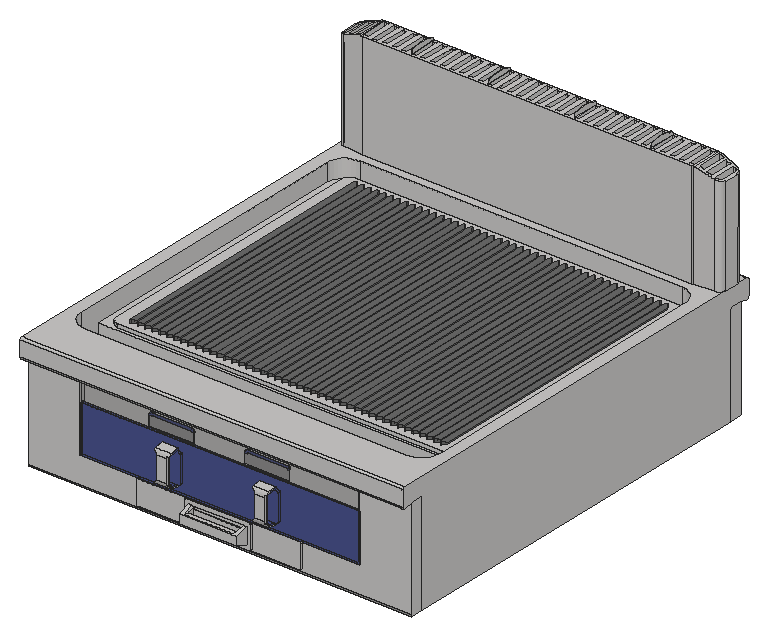
Revit family "QF_ELECTROLUXPROFESSIONAL_593322_MCHNAADOVO", category Specialty Equipment, Revit 2018 (continued)
Definition of nested family "GG_900_Backsplash for 800 fryer"
  Automatic sketch dimensions
    Extrusion 41 sketch curve to Extrusion 41 sketch curve = 0.775 mm
    Extrusion 41 sketch curve to Extrusion 41 sketch curve = 0.056 mm
    Extrusion 41 sketch curve to Extrusion 41 sketch curve = 4 mm
    level to Extrusion 41 sketch curve = 1058.216 mm
    Extrusion 41 sketch curve to Extrusion 41 sketch curve = 49.354 mm
    Extrusion 41 sketch curve to Extrusion 41 sketch curve = 3.029 mm  (x2)
    Extrusion 41 sketch curve to Extrusion 41 sketch curve = 0.001 mm  (x4)
    Extrusion 41 sketch curve to Extrusion 41 sketch curve = 2.392 mm
    Extrusion 42 sketch curve to Extrusion 42 sketch curve = 0 mm  (x3)
    Extrusion 42 sketch curve to plane 3 "Center (Left/Right)" = 87.373 mm
    Extrusion 42 sketch curve to Extrusion 42 sketch curve = 1 mm  (x2)
    Extrusion 42 sketch curve to Extrusion 42 sketch curve = 0.732 mm
    level to Extrusion 42 sketch curve = 1106.571 mm
    plane 6 to Extrusion 43 sketch curve = 26.484 mm
    Extrusion 43 sketch curve to Extrusion 43 sketch curve = 3.168 mm
    Extrusion 43 sketch curve to Extrusion 43 sketch curve = 0.003 mm
    Extrusion 43 sketch curve to Extrusion 43 sketch curve = 0.832 mm
    Extrusion 43 sketch curve to Extrusion 43 sketch curve = 11.257 mm
    Extrusion 43 sketch curve to Extrusion 43 sketch curve = 0 mm  (x2)
    Extrusion 43 sketch curve to plane 6 = 0.419 mm
    Extrusion 43 sketch curve to plane 6 = 12.894 mm
    Extrusion 43 sketch curve to Extrusion 43 sketch curve = 10.482 mm
    Extrusion 43 sketch curve to Extrusion 43 sketch curve = 0.775 mm
    Extrusion 43 sketch curve to Extrusion 43 sketch curve = 0.056 mm
    Extrusion 43 sketch curve to Extrusion 43 sketch curve = 4 mm
    level to Extrusion 43 sketch curve = 1058.216 mm
    Extrusion 43 sketch curve to Extrusion 43 sketch curve = 49.354 mm
    Extrusion 43 sketch curve to Extrusion 43 sketch curve = 3.029 mm  (x2)
    Extrusion 43 sketch curve to Extrusion 43 sketch curve = 0.001 mm  (x4)
    Extrusion 43 sketch curve to Extrusion 43 sketch curve = 2.392 mm
    Extrusion 44 sketch curve to Extrusion 44 sketch curve = 0 mm  (x3)
    Extrusion 44 sketch curve to plane 5 = 145 mm
    Extrusion 44 sketch curve to Extrusion 44 sketch curve = 1 mm  (x2)
    Extrusion 44 sketch curve to Extrusion 44 sketch curve = 0.732 mm
    level to Extrusion 44 sketch curve = 1107.571 mm
    plane 6 to Extrusion 45 sketch curve = 26.484 mm
    Extrusion 45 sketch curve to Extrusion 45 sketch curve = 3.168 mm
    Extrusion 45 sketch curve to Extrusion 45 sketch curve = 0.003 mm
    Extrusion 45 sketch curve to Extrusion 45 sketch curve = 0.832 mm
    Extrusion 45 sketch curve to Extrusion 45 sketch curve = 11.257 mm
    Extrusion 45 sketch curve to Extrusion 45 sketch curve = 0 mm  (x2)
    Extrusion 45 sketch curve to plane 6 = 0.419 mm
    Extrusion 45 sketch curve to plane 6 = 12.894 mm
    Extrusion 45 sketch curve to Extrusion 45 sketch curve = 10.482 mm
    Extrusion 45 sketch curve to Extrusion 45 sketch curve = 0.775 mm
    Extrusion 45 sketch curve to Extrusion 45 sketch curve = 0.056 mm
    Extrusion 45 sketch curve to Extrusion 45 sketch curve = 4 mm
    level to Extrusion 45 sketch curve = 1058.216 mm
    Extrusion 45 sketch curve to Extrusion 45 sketch curve = 49.354 mm
    Extrusion 45 sketch curve to Extrusion 45 sketch curve = 3.029 mm  (x2)
    Extrusion 45 sketch curve to Extrusion 45 sketch curve = 0.001 mm  (x4)
    Extrusion 45 sketch curve to Extrusion 45 sketch curve = 2.392 mm
    Extrusion 46 sketch curve to Extrusion 46 sketch curve = 0 mm  (x3)
    plane 3 "Center (Left/Right)" to Extrusion 46 sketch curve = 94.792 mm
    Extrusion 46 sketch curve to Extrusion 46 sketch curve = 1 mm  (x2)
    Extrusion 46 sketch curve to Extrusion 46 sketch curve = 0.732 mm
    level to Extrusion 46 sketch curve = 1107.571 mm
    curve 15 to plane 5 = 0 mm
    plane 6 to curve 6 = 32.954 mm
    curve 17 to plane 4 = 0 mm
    plane 4 to curve 16 = 0.886 mm
    plane 4 to curve 2 = 11.608 mm
    plane 4 to curve 7 = 11.608 mm
    curve 5 to curve 6 = 58.231 mm
    plane 1 "Center (Front/Back)" to curve 1 = 5.039 mm
    curve 3 to curve 1 = 58.231 mm
    curve 8 to plane 5 = 70.951 mm
    curve 1 to curve 6 = 0 mm
    curve 12 to plane 5 = 12.72 mm
    curve 8 to plane 5 = 12.72 mm
    curve 15 to plane 5 = 1.998 mm
    curve 14 to curve 9 = 1.998 mm
    plane 4 to curve 17 = 0.886 mm
    curve 3 to curve 3 = 11.746 mm
    curve 5 to curve 5 = 11.746 mm
    curve 11 to curve 11 = 11.746 mm
    curve 10 to curve 10 = 11.746 mm
    plane 6 to curve 7 = 27.86 mm
    plane 6 to curve 8 = 27.86 mm
    plane 6 to curve 15 = 15.407 mm
    curve 14 to plane 6 = 15.407 mm
    curve 4 to plane 6 = 15.407 mm
    plane 1 "Center (Front/Back)" to curve 2 = 10.134 mm
    plane 1 "Center (Front/Back)" to curve 12 = 10.134 mm
    plane 6 to curve 17 = 15.407 mm
Definition of nested family "GG_900_800 mm Full Grate"
  Parameters
    Length = 662 mm
    Array = Length / 15 mm  # 44
  Reference planes
    plane 1 "Center (Front/Back)": y = 0
    plane 2: z = 0
    plane 3 "Center (Left/Right)": x = 0
    plane 4: x = -355
    plane 5: x = 355
    plane 6: z = 900
    plane 7: z = 888
    plane 8: x = -331
    plane 9: x = 331
  Forms (mm)
    Extrusion 1, solid
      sketch origin (453.786, 467.26, 0) x (1, 0, 0) y (0, 1, 0)
        loop
          line (-808.786, -175.198) -> (-808.786, -760.472)
          arc (-808.786, -760.472) -> (-803.807, -772.493) -> (-791.786, -777.472) r 17
          line (-791.786, -777.472) -> (-116.936, -777.472)
          arc (-116.936, -777.472) -> (-104.102, -772.156) -> (-98.786, -759.322) r 18.15
          line (-98.786, -759.322) -> (-98.786, -175.198)
          arc (-98.786, -175.198) -> (-104.102, -162.364) -> (-116.936, -157.048) r 18.15
          line (-116.936, -157.048) -> (-790.636, -157.048)
          arc (-790.636, -157.048) -> (-803.47, -162.364) -> (-808.786, -175.198) r 18.15
      from 888 to 894.474
  Lines and regions (mm)
    symbolic lines
      curve 1: line (-331, 286.484, 0) -> (-324.5, 295.767, 0)
      curve 2: line (-324.5, 295.767, 0) -> (-318, 286.484, 0)
      curve 3: line (-318, -286.484, 0) -> (-318, 286.484, 0)
      curve 4: line (-331, 286.484, 0) -> (-331, -286.484, 0)
      curve 5: line (-324.5, -295.767, 0) -> (-331, -286.484, 0)
      curve 6: line (-318, -286.484, 0) -> (-324.5, -295.767, 0)
      curve 7: line (318, 286.484, 0) -> (324.5, 295.767, 0)
      curve 8: line (324.5, 295.767, 0) -> (331, 286.484, 0)
      curve 9: line (331, -286.484, 0) -> (331, 286.484, 0)
      curve 10: line (318, 286.484, 0) -> (318, -286.484, 0)
      curve 11: line (324.5, -295.767, 0) -> (318, -286.484, 0)
      curve 12: line (331, -286.484, 0) -> (324.5, -295.767, 0)
      curve 13: line (-315.907, 286.484, 0) -> (-309.407, 295.767, 0)
      curve 14: line (-309.407, 295.767, 0) -> (-302.907, 286.484, 0)
      curve 15: line (-302.907, -286.484, 0) -> (-302.907, 286.484, 0)
      curve 16: line (-315.907, 286.484, 0) -> (-315.907, -286.484, 0)
      curve 17: line (-309.407, -295.767, 0) -> (-315.907, -286.484, 0)
      curve 18: line (-302.907, -286.484, 0) -> (-309.407, -295.767, 0)
      curve 19: line (-300.814, 286.484, 0) -> (-294.314, 295.767, 0)
      curve 20: line (-294.314, 295.767, 0) -> (-287.814, 286.484, 0)
      curve 21: line (-287.814, -286.484, 0) -> (-287.814, 286.484, 0)
      curve 22: line (-300.814, 286.484, 0) -> (-300.814, -286.484, 0)
      curve 23: line (-294.314, -295.767, 0) -> (-300.814, -286.484, 0)
      curve 24: line (-287.814, -286.484, 0) -> (-294.314, -295.767, 0)
      curve 25: line (-285.721, 286.484, 0) -> (-279.221, 295.767, 0)
      curve 26: line (-279.221, 295.767, 0) -> (-272.721, 286.484, 0)
      curve 27: line (-272.721, -286.484, 0) -> (-272.721, 286.484, 0)
      curve 28: line (-285.721, 286.484, 0) -> (-285.721, -286.484, 0)
      curve 29: line (-279.221, -295.767, 0) -> (-285.721, -286.484, 0)
      curve 30: line (-272.721, -286.484, 0) -> (-279.221, -295.767, 0)
      curve 31: line (-270.628, 286.484, 0) -> (-264.128, 295.767, 0)
      curve 32: line (-264.128, 295.767, 0) -> (-257.628, 286.484, 0)
      curve 33: line (-257.628, -286.484, 0) -> (-257.628, 286.484, 0)
      curve 34: line (-270.628, 286.484, 0) -> (-270.628, -286.484, 0)
      curve 35: line (-264.128, -295.767, 0) -> (-270.628, -286.484, 0)
      curve 36: line (-257.628, -286.484, 0) -> (-264.128, -295.767, 0)
      curve 37: line (-255.535, 286.484, 0) -> (-249.035, 295.767, 0)
      curve 38: line (-249.035, 295.767, 0) -> (-242.535, 286.484, 0)
      curve 39: line (-242.535, -286.484, 0) -> (-242.535, 286.484, 0)
      curve 40: line (-255.535, 286.484, 0) -> (-255.535, -286.484, 0)
      curve 41: line (-249.035, -295.767, 0) -> (-255.535, -286.484, 0)
      curve 42: line (-242.535, -286.484, 0) -> (-249.035, -295.767, 0)
      curve 43: line (-240.442, 286.484, 0) -> (-233.942, 295.767, 0)
      curve 44: line (-233.942, 295.767, 0) -> (-227.442, 286.484, 0)
      curve 45: line (-227.442, -286.484, 0) -> (-227.442, 286.484, 0)
      curve 46: line (-240.442, 286.484, 0) -> (-240.442, -286.484, 0)
      curve 47: line (-233.942, -295.767, 0) -> (-240.442, -286.484, 0)
      curve 48: line (-227.442, -286.484, 0) -> (-233.942, -295.767, 0)
      curve 49: line (-225.349, 286.484, 0) -> (-218.849, 295.767, 0)
      curve 50: line (-218.849, 295.767, 0) -> (-212.349, 286.484, 0)
      curve 51: line (-212.349, -286.484, 0) -> (-212.349, 286.484, 0)
      curve 52: line (-225.349, 286.484, 0) -> (-225.349, -286.484, 0)
      curve 53: line (-218.849, -295.767, 0) -> (-225.349, -286.484, 0)
      curve 54: line (-212.349, -286.484, 0) -> (-218.849, -295.767, 0)
      curve 55: line (-210.256, 286.484, 0) -> (-203.756, 295.767, 0)
      curve 56: line (-203.756, 295.767, 0) -> (-197.256, 286.484, 0)
      curve 57: line (-197.256, -286.484, 0) -> (-197.256, 286.484, 0)
      curve 58: line (-210.256, 286.484, 0) -> (-210.256, -286.484, 0)
      curve 59: line (-203.756, -295.767, 0) -> (-210.256, -286.484, 0)
      curve 60: line (-197.256, -286.484, 0) -> (-203.756, -295.767, 0)
      curve 61: line (-195.163, 286.484, 0) -> (-188.663, 295.767, 0)
      curve 62: line (-188.663, 295.767, 0) -> (-182.163, 286.484, 0)
      curve 63: line (-182.163, -286.484, 0) -> (-182.163, 286.484, 0)
      curve 64: line (-195.163, 286.484, 0) -> (-195.163, -286.484, 0)
      curve 65: line (-188.663, -295.767, 0) -> (-195.163, -286.484, 0)
      curve 66: line (-182.163, -286.484, 0) -> (-188.663, -295.767, 0)
      curve 67: line (-180.07, 286.484, 0) -> (-173.57, 295.767, 0)
      curve 68: line (-173.57, 295.767, 0) -> (-167.07, 286.484, 0)
      curve 69: line (-167.07, -286.484, 0) -> (-167.07, 286.484, 0)
      curve 70: line (-180.07, 286.484, 0) -> (-180.07, -286.484, 0)
      curve 71: line (-173.57, -295.767, 0) -> (-180.07, -286.484, 0)
      curve 72: line (-167.07, -286.484, 0) -> (-173.57, -295.767, 0)
      curve 73: line (-164.977, 286.484, 0) -> (-158.477, 295.767, 0)
      curve 74: line (-158.477, 295.767, 0) -> (-151.977, 286.484, 0)
      curve 75: line (-151.977, -286.484, 0) -> (-151.977, 286.484, 0)
      curve 76: line (-164.977, 286.484, 0) -> (-164.977, -286.484, 0)
      curve 77: line (-158.477, -295.767, 0) -> (-164.977, -286.484, 0)
      curve 78: line (-151.977, -286.484, 0) -> (-158.477, -295.767, 0)
      curve 79: line (-149.884, 286.484, 0) -> (-143.384, 295.767, 0)
      curve 80: line (-143.384, 295.767, 0) -> (-136.884, 286.484, 0)
      curve 81: line (-136.884, -286.484, 0) -> (-136.884, 286.484, 0)
      curve 82: line (-149.884, 286.484, 0) -> (-149.884, -286.484, 0)
      curve 83: line (-143.384, -295.767, 0) -> (-149.884, -286.484, 0)
      curve 84: line (-136.884, -286.484, 0) -> (-143.384, -295.767, 0)
      curve 85: line (-134.791, 286.484, 0) -> (-128.291, 295.767, 0)
      curve 86: line (-128.291, 295.767, 0) -> (-121.791, 286.484, 0)
      curve 87: line (-121.791, -286.484, 0) -> (-121.791, 286.484, 0)
      curve 88: line (-134.791, 286.484, 0) -> (-134.791, -286.484, 0)
      curve 89: line (-128.291, -295.767, 0) -> (-134.791, -286.484, 0)
      curve 90: line (-121.791, -286.484, 0) -> (-128.291, -295.767, 0)
      curve 91: line (-119.698, 286.484, 0) -> (-113.198, 295.767, 0)
      curve 92: line (-113.198, 295.767, 0) -> (-106.698, 286.484, 0)
      curve 93: line (-106.698, -286.484, 0) -> (-106.698, 286.484, 0)
      curve 94: line (-119.698, 286.484, 0) -> (-119.698, -286.484, 0)
      curve 95: line (-113.198, -295.767, 0) -> (-119.698, -286.484, 0)
      curve 96: line (-106.698, -286.484, 0) -> (-113.198, -295.767, 0)
      curve 97: line (-104.605, 286.484, 0) -> (-98.105, 295.767, 0)
      curve 98: line (-98.105, 295.767, 0) -> (-91.605, 286.484, 0)
      curve 99: line (-91.605, -286.484, 0) -> (-91.605, 286.484, 0)
      curve 100: line (-104.605, 286.484, 0) -> (-104.605, -286.484, 0)
      curve 101: line (-98.105, -295.767, 0) -> (-104.605, -286.484, 0)
      curve 102: line (-91.605, -286.484, 0) -> (-98.105, -295.767, 0)
      curve 103: line (-89.512, 286.484, 0) -> (-83.012, 295.767, 0)
      curve 104: line (-83.012, 295.767, 0) -> (-76.512, 286.484, 0)
      curve 105: line (-76.512, -286.484, 0) -> (-76.512, 286.484, 0)
      curve 106: line (-89.512, 286.484, 0) -> (-89.512, -286.484, 0)
      curve 107: line (-83.012, -295.767, 0) -> (-89.512, -286.484, 0)
      curve 108: line (-76.512, -286.484, 0) -> (-83.012, -295.767, 0)
      curve 109: line (-74.419, 286.484, 0) -> (-67.919, 295.767, 0)
      curve 110: line (-67.919, 295.767, 0) -> (-61.419, 286.484, 0)
      curve 111: line (-61.419, -286.484, 0) -> (-61.419, 286.484, 0)
      curve 112: line (-74.419, 286.484, 0) -> (-74.419, -286.484, 0)
      curve 113: line (-67.919, -295.767, 0) -> (-74.419, -286.484, 0)
      curve 114: line (-61.419, -286.484, 0) -> (-67.919, -295.767, 0)
      curve 115: line (-59.326, 286.484, 0) -> (-52.826, 295.767, 0)
      curve 116: line (-52.826, 295.767, 0) -> (-46.326, 286.484, 0)
      curve 117: line (-46.326, -286.484, 0) -> (-46.326, 286.484, 0)
      curve 118: line (-59.326, 286.484, 0) -> (-59.326, -286.484, 0)
      curve 119: line (-52.826, -295.767, 0) -> (-59.326, -286.484, 0)
      curve 120: line (-46.326, -286.484, 0) -> (-52.826, -295.767, 0)
      curve 121: line (-44.233, 286.484, 0) -> (-37.733, 295.767, 0)
      curve 122: line (-37.733, 295.767, 0) -> (-31.233, 286.484, 0)
      curve 123: line (-31.233, -286.484, 0) -> (-31.233, 286.484, 0)
      curve 124: line (-44.233, 286.484, 0) -> (-44.233, -286.484, 0)
      curve 125: line (-37.733, -295.767, 0) -> (-44.233, -286.484, 0)
      curve 126: line (-31.233, -286.484, 0) -> (-37.733, -295.767, 0)
      curve 127: line (-29.14, 286.484, 0) -> (-22.64, 295.767, 0)
      curve 128: line (-22.64, 295.767, 0) -> (-16.14, 286.484, 0)
      curve 129: line (-16.14, -286.484, 0) -> (-16.14, 286.484, 0)
      curve 130: line (-29.14, 286.484, 0) -> (-29.14, -286.484, 0)
      curve 131: line (-22.64, -295.767, 0) -> (-29.14, -286.484, 0)
      curve 132: line (-16.14, -286.484, 0) -> (-22.64, -295.767, 0)
      curve 133: line (-14.047, 286.484, 0) -> (-7.547, 295.767, 0)
      curve 134: line (-7.547, 295.767, 0) -> (-1.047, 286.484, 0)
      curve 135: line (-1.047, -286.484, 0) -> (-1.047, 286.484, 0)
      curve 136: line (-14.047, 286.484, 0) -> (-14.047, -286.484, 0)
      curve 137: line (-7.547, -295.767, 0) -> (-14.047, -286.484, 0)
      curve 138: line (-1.047, -286.484, 0) -> (-7.547, -295.767, 0)
      curve 139: line (1.047, 286.484, 0) -> (7.547, 295.767, 0)
      curve 140: line (7.547, 295.767, 0) -> (14.047, 286.484, 0)
      curve 141: line (14.047, -286.484, 0) -> (14.047, 286.484, 0)
      curve 142: line (1.047, 286.484, 0) -> (1.047, -286.484, 0)
      curve 143: line (7.547, -295.767, 0) -> (1.047, -286.484, 0)
      curve 144: line (14.047, -286.484, 0) -> (7.547, -295.767, 0)
      curve 145: line (16.14, 286.484, 0) -> (22.64, 295.767, 0)
      curve 146: line (22.64, 295.767, 0) -> (29.14, 286.484, 0)
      curve 147: line (29.14, -286.484, 0) -> (29.14, 286.484, 0)
      curve 148: line (16.14, 286.484, 0) -> (16.14, -286.484, 0)
      curve 149: line (22.64, -295.767, 0) -> (16.14, -286.484, 0)
      curve 150: line (29.14, -286.484, 0) -> (22.64, -295.767, 0)
      curve 151: line (31.233, 286.484, 0) -> (37.733, 295.767, 0)
      curve 152: line (37.733, 295.767, 0) -> (44.233, 286.484, 0)
      curve 153: line (44.233, -286.484, 0) -> (44.233, 286.484, 0)
      curve 154: line (31.233, 286.484, 0) -> (31.233, -286.484, 0)
      curve 155: line (37.733, -295.767, 0) -> (31.233, -286.484, 0)
      curve 156: line (44.233, -286.484, 0) -> (37.733, -295.767, 0)
      curve 157: line (46.326, 286.484, 0) -> (52.826, 295.767, 0)
      curve 158: line (52.826, 295.767, 0) -> (59.326, 286.484, 0)
      curve 159: line (59.326, -286.484, 0) -> (59.326, 286.484, 0)
      curve 160: line (46.326, 286.484, 0) -> (46.326, -286.484, 0)
      curve 161: line (52.826, -295.767, 0) -> (46.326, -286.484, 0)
      curve 162: line (59.326, -286.484, 0) -> (52.826, -295.767, 0)
      curve 163: line (61.419, 286.484, 0) -> (67.919, 295.767, 0)
      curve 164: line (67.919, 295.767, 0) -> (74.419, 286.484, 0)
      curve 165: line (74.419, -286.484, 0) -> (74.419, 286.484, 0)
      curve 166: line (61.419, 286.484, 0) -> (61.419, -286.484, 0)
      curve 167: line (67.919, -295.767, 0) -> (61.419, -286.484, 0)
      curve 168: line (74.419, -286.484, 0) -> (67.919, -295.767, 0)
      curve 169: line (76.512, 286.484, 0) -> (83.012, 295.767, 0)
      curve 170: line (83.012, 295.767, 0) -> (89.512, 286.484, 0)
      curve 171: line (89.512, -286.484, 0) -> (89.512, 286.484, 0)
      curve 172: line (76.512, 286.484, 0) -> (76.512, -286.484, 0)
      curve 173: line (83.012, -295.767, 0) -> (76.512, -286.484, 0)
      curve 174: line (89.512, -286.484, 0) -> (83.012, -295.767, 0)
      curve 175: line (91.605, 286.484, 0) -> (98.105, 295.767, 0)
      curve 176: line (98.105, 295.767, 0) -> (104.605, 286.484, 0)
      curve 177: line (104.605, -286.484, 0) -> (104.605, 286.484, 0)
      curve 178: line (91.605, 286.484, 0) -> (91.605, -286.484, 0)
      curve 179: line (98.105, -295.767, 0) -> (91.605, -286.484, 0)
      curve 180: line (104.605, -286.484, 0) -> (98.105, -295.767, 0)
      curve 181: line (106.698, 286.484, 0) -> (113.198, 295.767, 0)
      curve 182: line (113.198, 295.767, 0) -> (119.698, 286.484, 0)
      curve 183: line (119.698, -286.484, 0) -> (119.698, 286.484, 0)
      curve 184: line (106.698, 286.484, 0) -> (106.698, -286.484, 0)
      curve 185: line (113.198, -295.767, 0) -> (106.698, -286.484, 0)
      curve 186: line (119.698, -286.484, 0) -> (113.198, -295.767, 0)
      curve 187: line (121.791, 286.484, 0) -> (128.291, 295.767, 0)
      curve 188: line (128.291, 295.767, 0) -> (134.791, 286.484, 0)
      curve 189: line (134.791, -286.484, 0) -> (134.791, 286.484, 0)
      curve 190: line (121.791, 286.484, 0) -> (121.791, -286.484, 0)
      curve 191: line (128.291, -295.767, 0) -> (121.791, -286.484, 0)
      curve 192: line (134.791, -286.484, 0) -> (128.291, -295.767, 0)
      curve 193: line (136.884, 286.484, 0) -> (143.384, 295.767, 0)
      curve 194: line (143.384, 295.767, 0) -> (149.884, 286.484, 0)
      curve 195: line (149.884, -286.484, 0) -> (149.884, 286.484, 0)
      curve 196: line (136.884, 286.484, 0) -> (136.884, -286.484, 0)
      curve 197: line (143.384, -295.767, 0) -> (136.884, -286.484, 0)
      curve 198: line (149.884, -286.484, 0) -> (143.384, -295.767, 0)
      curve 199: line (151.977, 286.484, 0) -> (158.477, 295.767, 0)
      curve 200: line (158.477, 295.767, 0) -> (164.977, 286.484, 0)
      curve 201: line (164.977, -286.484, 0) -> (164.977, 286.484, 0)
      curve 202: line (151.977, 286.484, 0) -> (151.977, -286.484, 0)
      curve 203: line (158.477, -295.767, 0) -> (151.977, -286.484, 0)
      curve 204: line (164.977, -286.484, 0) -> (158.477, -295.767, 0)
      curve 205: line (167.07, 286.484, 0) -> (173.57, 295.767, 0)
      curve 206: line (173.57, 295.767, 0) -> (180.07, 286.484, 0)
      curve 207: line (180.07, -286.484, 0) -> (180.07, 286.484, 0)
      curve 208: line (167.07, 286.484, 0) -> (167.07, -286.484, 0)
      curve 209: line (173.57, -295.767, 0) -> (167.07, -286.484, 0)
      curve 210: line (180.07, -286.484, 0) -> (173.57, -295.767, 0)
      curve 211: line (182.163, 286.484, 0) -> (188.663, 295.767, 0)
      curve 212: line (188.663, 295.767, 0) -> (195.163, 286.484, 0)
      curve 213: line (195.163, -286.484, 0) -> (195.163, 286.484, 0)
      curve 214: line (182.163, 286.484, 0) -> (182.163, -286.484, 0)
      curve 215: line (188.663, -295.767, 0) -> (182.163, -286.484, 0)
      curve 216: line (195.163, -286.484, 0) -> (188.663, -295.767, 0)
      curve 217: line (197.256, 286.484, 0) -> (203.756, 295.767, 0)
      curve 218: line (203.756, 295.767, 0) -> (210.256, 286.484, 0)
      curve 219: line (210.256, -286.484, 0) -> (210.256, 286.484, 0)
      curve 220: line (197.256, 286.484, 0) -> (197.256, -286.484, 0)
      curve 221: line (203.756, -295.767, 0) -> (197.256, -286.484, 0)
      curve 222: line (210.256, -286.484, 0) -> (203.756, -295.767, 0)
      curve 223: line (212.349, 286.484, 0) -> (218.849, 295.767, 0)
      curve 224: line (218.849, 295.767, 0) -> (225.349, 286.484, 0)
      curve 225: line (225.349, -286.484, 0) -> (225.349, 286.484, 0)
      curve 226: line (212.349, 286.484, 0) -> (212.349, -286.484, 0)
      curve 227: line (218.849, -295.767, 0) -> (212.349, -286.484, 0)
      curve 228: line (225.349, -286.484, 0) -> (218.849, -295.767, 0)
      curve 229: line (227.442, 286.484, 0) -> (233.942, 295.767, 0)
      curve 230: line (233.942, 295.767, 0) -> (240.442, 286.484, 0)
      curve 231: line (240.442, -286.484, 0) -> (240.442, 286.484, 0)
      curve 232: line (227.442, 286.484, 0) -> (227.442, -286.484, 0)
      curve 233: line (233.942, -295.767, 0) -> (227.442, -286.484, 0)
      curve 234: line (240.442, -286.484, 0) -> (233.942, -295.767, 0)
      curve 235: line (242.535, 286.484, 0) -> (249.035, 295.767, 0)
      curve 236: line (249.035, 295.767, 0) -> (255.535, 286.484, 0)
      curve 237: line (255.535, -286.484, 0) -> (255.535, 286.484, 0)
      curve 238: line (242.535, 286.484, 0) -> (242.535, -286.484, 0)
      curve 239: line (249.035, -295.767, 0) -> (242.535, -286.484, 0)
      curve 240: line (255.535, -286.484, 0) -> (249.035, -295.767, 0)
      curve 241: line (257.628, 286.484, 0) -> (264.128, 295.767, 0)
      curve 242: line (264.128, 295.767, 0) -> (270.628, 286.484, 0)
      curve 243: line (270.628, -286.484, 0) -> (270.628, 286.484, 0)
      curve 244: line (257.628, 286.484, 0) -> (257.628, -286.484, 0)
      curve 245: line (264.128, -295.767, 0) -> (257.628, -286.484, 0)
      curve 246: line (270.628, -286.484, 0) -> (264.128, -295.767, 0)
      curve 247: line (272.721, 286.484, 0) -> (279.221, 295.767, 0)
      curve 248: line (279.221, 295.767, 0) -> (285.721, 286.484, 0)
      curve 249: line (285.721, -286.484, 0) -> (285.721, 286.484, 0)
      curve 250: line (272.721, 286.484, 0) -> (272.721, -286.484, 0)
      curve 251: line (279.221, -295.767, 0) -> (272.721, -286.484, 0)
      curve 252: line (285.721, -286.484, 0) -> (279.221, -295.767, 0)
      curve 253: line (287.814, 286.484, 0) -> (294.314, 295.767, 0)
      curve 254: line (294.314, 295.767, 0) -> (300.814, 286.484, 0)
      curve 255: line (300.814, -286.484, 0) -> (300.814, 286.484, 0)
      curve 256: line (287.814, 286.484, 0) -> (287.814, -286.484, 0)
      curve 257: line (294.314, -295.767, 0) -> (287.814, -286.484, 0)
      curve 258: line (300.814, -286.484, 0) -> (294.314, -295.767, 0)
      curve 259: line (302.907, 286.484, 0) -> (309.407, 295.767, 0)
      curve 260: line (309.407, 295.767, 0) -> (315.907, 286.484, 0)
      curve 261: line (315.907, -286.484, 0) -> (315.907, 286.484, 0)
      curve 262: line (302.907, 286.484, 0) -> (302.907, -286.484, 0)
      curve 263: line (309.407, -295.767, 0) -> (302.907, -286.484, 0)
      curve 264: line (315.907, -286.484, 0) -> (309.407, -295.767, 0)
      curve 265: line (336.85, 310.212, 0) -> (-336.85, 310.212, 0)
      curve 266: arc (-336.85, 310.212, 0) -> (-349.684, 304.896, 0) -> (-355, 292.062, 0) r 18.15
      curve 267: line (-355, 292.062, 0) -> (-355, -293.212, 0)
      curve 268: arc (-355, -293.212, 0) -> (-350.021, -305.233, 0) -> (-338, -310.212, 0) r 17
      curve 269: line (-338, -310.212, 0) -> (336.85, -310.212, 0)
      curve 270: arc (336.85, -310.212, 0) -> (349.684, -304.896, 0) -> (355, -292.062, 0) r 18.15
      curve 271: line (355, -292.062, 0) -> (355, 292.062, 0)
      curve 272: arc (355, 292.062, 0) -> (349.684, 304.896, 0) -> (336.85, 310.212, 0) r 18.15
  Dimensions and locks
    plane 6 to level = 900 mm
    plane 6 to plane 7 = 12 mm
    locked: plane 9 to plane 5 at 24
    "Length": plane 8 to plane 9
    equal spacing: group 1, group 3, group 4, group 5, group 6, group 7, group 8, group 9, group 10, group 11, group 12, group 13, group 14, group 15, group 16, group 17, group 18, group 19, group 20, group 21, group 22, group 23, group 24, group 25, group 26, group 27, group 28, group 29, group 30, group 31, group 32, group 33, group 34, group 35, group 36, group 37, group 38, group 39, group 40, group 41, group 42, group 43, group 44, group 2  (x3)
    plane 4 to plane 5 = 710 mm
    plane 4 to plane 8 = 24 mm
    aligned and locked: plane 6 to nested 1
    aligned and locked: Extrusion 1 to nested 1
    aligned and locked: Extrusion 1 to plane 7
    aligned and locked: plane 8 to nested 1
    aligned and locked: plane 9 to nested 2
    aligned and locked: curve 266 to Extrusion 1
    aligned and locked: curve 270 to Extrusion 1
    aligned and locked: curve 272 to Extrusion 1
  Automatic sketch dimensions
    Extrusion 1 sketch curve to plane 4 = 0 mm
    Extrusion 1 sketch curve to plane 5 = 0 mm
    Extrusion 1 sketch curve to plane 8 = 7 mm
    Extrusion 1 sketch curve to plane 8 = 5.85 mm
    plane 9 to Extrusion 1 sketch curve = 5.85 mm  (x2)
    plane 1 "Center (Front/Back)" to Extrusion 1 sketch curve = 310.212 mm
    Extrusion 1 sketch curve to plane 1 "Center (Front/Back)" = 292.062 mm
    curve 1 to curve 1 = 6.5 mm
    curve 4 to curve 5 = 6.5 mm
    curve 2 to curve 2 = 6.5 mm
    curve 6 to curve 3 = 9.283 mm
    curve 5 to curve 4 = 9.283 mm
    curve 4 to curve 4 = 572.969 mm
    curve 1 to curve 3 = 0 mm
    curve 1 to curve 1 = 9.283 mm
    curve 7 to curve 7 = 6.5 mm
    curve 10 to curve 11 = 6.5 mm
    curve 8 to curve 8 = 6.5 mm
    curve 12 to curve 9 = 9.283 mm
    curve 11 to curve 10 = 9.283 mm
    curve 10 to curve 10 = 572.969 mm
    curve 7 to curve 9 = 0 mm
    curve 7 to curve 7 = 9.283 mm
    curve 13 to curve 13 = 6.5 mm
    curve 16 to curve 17 = 6.5 mm
    curve 14 to curve 14 = 6.5 mm
    curve 18 to curve 15 = 9.283 mm
    curve 17 to curve 16 = 9.283 mm
    curve 16 to curve 16 = 572.969 mm
    curve 13 to curve 15 = 0 mm
    curve 13 to curve 13 = 9.283 mm
    curve 19 to curve 19 = 6.5 mm
    curve 22 to curve 23 = 6.5 mm
    curve 20 to curve 20 = 6.5 mm
    curve 24 to curve 21 = 9.283 mm
    curve 23 to curve 22 = 9.283 mm
    curve 22 to curve 22 = 572.969 mm
    curve 19 to curve 21 = 0 mm
    curve 19 to curve 19 = 9.283 mm
    curve 25 to curve 25 = 6.5 mm
    curve 28 to curve 29 = 6.5 mm
    curve 26 to curve 26 = 6.5 mm
    curve 30 to curve 27 = 9.283 mm
    curve 29 to curve 28 = 9.283 mm
    curve 28 to curve 28 = 572.969 mm
    curve 25 to curve 27 = 0 mm
    curve 25 to curve 25 = 9.283 mm
    curve 31 to curve 31 = 6.5 mm
    curve 34 to curve 35 = 6.5 mm
    curve 32 to curve 32 = 6.5 mm
    curve 36 to curve 33 = 9.283 mm
    curve 35 to curve 34 = 9.283 mm
    curve 34 to curve 34 = 572.969 mm
    curve 31 to curve 33 = 0 mm
    curve 31 to curve 31 = 9.283 mm
    curve 37 to curve 37 = 6.5 mm
    curve 40 to curve 41 = 6.5 mm
    curve 38 to curve 38 = 6.5 mm
    curve 42 to curve 39 = 9.283 mm
    curve 41 to curve 40 = 9.283 mm
    curve 40 to curve 40 = 572.969 mm
    curve 37 to curve 39 = 0 mm
    curve 37 to curve 37 = 9.283 mm
    curve 43 to curve 43 = 6.5 mm
    curve 46 to curve 47 = 6.5 mm
    curve 44 to curve 44 = 6.5 mm
    curve 48 to curve 45 = 9.283 mm
    curve 47 to curve 46 = 9.283 mm
    curve 46 to curve 46 = 572.969 mm
    curve 43 to curve 45 = 0 mm
    curve 43 to curve 43 = 9.283 mm
    curve 49 to curve 49 = 6.5 mm
    curve 52 to curve 53 = 6.5 mm
    curve 50 to curve 50 = 6.5 mm
    curve 54 to curve 51 = 9.283 mm
    curve 53 to curve 52 = 9.283 mm
    curve 52 to curve 52 = 572.969 mm
    curve 49 to curve 51 = 0 mm
    curve 49 to curve 49 = 9.283 mm
    curve 55 to curve 55 = 6.5 mm
    curve 58 to curve 59 = 6.5 mm
    curve 56 to curve 56 = 6.5 mm
    curve 60 to curve 57 = 9.283 mm
    curve 59 to curve 58 = 9.283 mm
    curve 58 to curve 58 = 572.969 mm
    curve 55 to curve 57 = 0 mm
    curve 55 to curve 55 = 9.283 mm
    curve 61 to curve 61 = 6.5 mm
    curve 64 to curve 65 = 6.5 mm
    curve 62 to curve 62 = 6.5 mm
    curve 66 to curve 63 = 9.283 mm
    curve 65 to curve 64 = 9.283 mm
    curve 64 to curve 64 = 572.969 mm
    curve 61 to curve 63 = 0 mm
    curve 61 to curve 61 = 9.283 mm
    curve 67 to curve 67 = 6.5 mm
    curve 70 to curve 71 = 6.5 mm
    curve 68 to curve 68 = 6.5 mm
    curve 72 to curve 69 = 9.283 mm
    curve 71 to curve 70 = 9.283 mm
    curve 70 to curve 70 = 572.969 mm
    curve 67 to curve 69 = 0 mm
    curve 67 to curve 67 = 9.283 mm
    curve 73 to curve 73 = 6.5 mm
    curve 76 to curve 77 = 6.5 mm
    curve 74 to curve 74 = 6.5 mm
    curve 78 to curve 75 = 9.283 mm
    curve 77 to curve 76 = 9.283 mm
    curve 76 to curve 76 = 572.969 mm
    curve 73 to curve 75 = 0 mm
    curve 73 to curve 73 = 9.283 mm
    curve 79 to curve 79 = 6.5 mm
    curve 82 to curve 83 = 6.5 mm
    curve 80 to curve 80 = 6.5 mm
    curve 84 to curve 81 = 9.283 mm
    curve 83 to curve 82 = 9.283 mm
    curve 82 to curve 82 = 572.969 mm
    curve 79 to curve 81 = 0 mm
    curve 79 to curve 79 = 9.283 mm
    curve 85 to curve 85 = 6.5 mm
    curve 88 to curve 89 = 6.5 mm
    curve 86 to curve 86 = 6.5 mm
    curve 90 to curve 87 = 9.283 mm
    curve 89 to curve 88 = 9.283 mm
    curve 88 to curve 88 = 572.969 mm
    curve 85 to curve 87 = 0 mm
    curve 85 to curve 85 = 9.283 mm
    curve 91 to curve 91 = 6.5 mm
    curve 94 to curve 95 = 6.5 mm
    curve 92 to curve 92 = 6.5 mm
    curve 96 to curve 93 = 9.283 mm
    curve 95 to curve 94 = 9.283 mm
    curve 94 to curve 94 = 572.969 mm
    curve 91 to curve 93 = 0 mm
    curve 91 to curve 91 = 9.283 mm
    curve 97 to curve 97 = 6.5 mm
    curve 100 to curve 101 = 6.5 mm
    curve 98 to curve 98 = 6.5 mm
    curve 102 to curve 99 = 9.283 mm
    curve 101 to curve 100 = 9.283 mm
    curve 100 to curve 100 = 572.969 mm
    curve 97 to curve 99 = 0 mm
    curve 97 to curve 97 = 9.283 mm
    curve 103 to curve 103 = 6.5 mm
    curve 106 to curve 107 = 6.5 mm
    curve 104 to curve 104 = 6.5 mm
    curve 108 to curve 105 = 9.283 mm
    curve 107 to curve 106 = 9.283 mm
    curve 106 to curve 106 = 572.969 mm
    curve 103 to curve 105 = 0 mm
    curve 103 to curve 103 = 9.283 mm
    curve 109 to curve 109 = 6.5 mm
    curve 112 to curve 113 = 6.5 mm
    curve 110 to curve 110 = 6.5 mm
    curve 114 to curve 111 = 9.283 mm
    curve 113 to curve 112 = 9.283 mm
    curve 112 to curve 112 = 572.969 mm
    curve 109 to curve 111 = 0 mm
    curve 109 to curve 109 = 9.283 mm
    curve 115 to curve 115 = 6.5 mm
    curve 118 to curve 119 = 6.5 mm
    curve 116 to curve 116 = 6.5 mm
    curve 120 to curve 117 = 9.283 mm
    curve 119 to curve 118 = 9.283 mm
    curve 118 to curve 118 = 572.969 mm
    curve 115 to curve 117 = 0 mm
    curve 115 to curve 115 = 9.283 mm
    curve 121 to curve 121 = 6.5 mm
    curve 124 to curve 125 = 6.5 mm
    curve 122 to curve 122 = 6.5 mm
    curve 126 to curve 123 = 9.283 mm
    curve 125 to curve 124 = 9.283 mm
    curve 124 to curve 124 = 572.969 mm
    curve 121 to curve 123 = 0 mm
    curve 121 to curve 121 = 9.283 mm
    curve 127 to curve 127 = 6.5 mm
    curve 130 to curve 131 = 6.5 mm
    curve 128 to curve 128 = 6.5 mm
    curve 132 to curve 129 = 9.283 mm
    curve 131 to curve 130 = 9.283 mm
    curve 130 to curve 130 = 572.969 mm
    curve 127 to curve 129 = 0 mm
    curve 127 to curve 127 = 9.283 mm
    curve 133 to curve 133 = 6.5 mm
    curve 136 to curve 137 = 6.5 mm
    curve 134 to curve 134 = 6.5 mm
    curve 138 to curve 135 = 9.283 mm
    curve 137 to curve 136 = 9.283 mm
    curve 136 to curve 136 = 572.969 mm
    curve 133 to curve 135 = 0 mm
    curve 133 to curve 133 = 9.283 mm
    curve 139 to curve 139 = 6.5 mm
    curve 142 to curve 143 = 6.5 mm
    curve 140 to curve 140 = 6.5 mm
    curve 144 to curve 141 = 9.283 mm
    curve 143 to curve 142 = 9.283 mm
    curve 142 to curve 142 = 572.969 mm
    curve 139 to curve 141 = 0 mm
    curve 139 to curve 139 = 9.283 mm
    curve 145 to curve 145 = 6.5 mm
    curve 148 to curve 149 = 6.5 mm
    curve 146 to curve 146 = 6.5 mm
    curve 150 to curve 147 = 9.283 mm
    curve 149 to curve 148 = 9.283 mm
    curve 148 to curve 148 = 572.969 mm
    curve 145 to curve 147 = 0 mm
    curve 145 to curve 145 = 9.283 mm
    curve 151 to curve 151 = 6.5 mm
    curve 154 to curve 155 = 6.5 mm
    curve 152 to curve 152 = 6.5 mm
    curve 156 to curve 153 = 9.283 mm
    curve 155 to curve 154 = 9.283 mm
    curve 154 to curve 154 = 572.969 mm
    curve 151 to curve 153 = 0 mm
    curve 151 to curve 151 = 9.283 mm
    curve 157 to curve 157 = 6.5 mm
    curve 160 to curve 161 = 6.5 mm
    curve 158 to curve 158 = 6.5 mm
    curve 162 to curve 159 = 9.283 mm
    curve 161 to curve 160 = 9.283 mm
    curve 160 to curve 160 = 572.969 mm
    curve 157 to curve 159 = 0 mm
    curve 157 to curve 157 = 9.283 mm
    curve 163 to curve 163 = 6.5 mm
    curve 166 to curve 167 = 6.5 mm
    curve 164 to curve 164 = 6.5 mm
    curve 168 to curve 165 = 9.283 mm
    curve 167 to curve 166 = 9.283 mm
    curve 166 to curve 166 = 572.969 mm
    curve 163 to curve 165 = 0 mm
    curve 163 to curve 163 = 9.283 mm
    curve 169 to curve 169 = 6.5 mm
    curve 172 to curve 173 = 6.5 mm
    curve 170 to curve 170 = 6.5 mm
    curve 174 to curve 171 = 9.283 mm
    curve 173 to curve 172 = 9.283 mm
    curve 172 to curve 172 = 572.969 mm
    curve 169 to curve 171 = 0 mm
    curve 169 to curve 169 = 9.283 mm
    curve 175 to curve 175 = 6.5 mm
    curve 178 to curve 179 = 6.5 mm
    curve 176 to curve 176 = 6.5 mm
    curve 180 to curve 177 = 9.283 mm
    curve 179 to curve 178 = 9.283 mm
    curve 178 to curve 178 = 572.969 mm
    curve 175 to curve 177 = 0 mm
    curve 175 to curve 175 = 9.283 mm
    curve 181 to curve 181 = 6.5 mm
    curve 184 to curve 185 = 6.5 mm
    curve 182 to curve 182 = 6.5 mm
    curve 186 to curve 183 = 9.283 mm
    curve 185 to curve 184 = 9.283 mm
    curve 184 to curve 184 = 572.969 mm
    curve 181 to curve 183 = 0 mm
    curve 181 to curve 181 = 9.283 mm
    curve 187 to curve 187 = 6.5 mm
    curve 190 to curve 191 = 6.5 mm
    curve 188 to curve 188 = 6.5 mm
    curve 192 to curve 189 = 9.283 mm
    curve 191 to curve 190 = 9.283 mm
    curve 190 to curve 190 = 572.969 mm
    curve 187 to curve 189 = 0 mm
    curve 187 to curve 187 = 9.283 mm
    curve 193 to curve 193 = 6.5 mm
    curve 196 to curve 197 = 6.5 mm
    curve 194 to curve 194 = 6.5 mm
    curve 198 to curve 195 = 9.283 mm
    curve 197 to curve 196 = 9.283 mm
    curve 196 to curve 196 = 572.969 mm
    curve 193 to curve 195 = 0 mm
    curve 193 to curve 193 = 9.283 mm
    curve 199 to curve 199 = 6.5 mm
    curve 202 to curve 203 = 6.5 mm
    curve 200 to curve 200 = 6.5 mm
    curve 204 to curve 201 = 9.283 mm
    curve 203 to curve 202 = 9.283 mm
    curve 202 to curve 202 = 572.969 mm
    curve 199 to curve 201 = 0 mm
    curve 199 to curve 199 = 9.283 mm
    curve 205 to curve 205 = 6.5 mm
    curve 208 to curve 209 = 6.5 mm
    curve 206 to curve 206 = 6.5 mm
    curve 210 to curve 207 = 9.283 mm
    curve 209 to curve 208 = 9.283 mm
    curve 208 to curve 208 = 572.969 mm
    curve 205 to curve 207 = 0 mm
    curve 205 to curve 205 = 9.283 mm
    curve 211 to curve 211 = 6.5 mm
    curve 214 to curve 215 = 6.5 mm
    curve 212 to curve 212 = 6.5 mm
    curve 216 to curve 213 = 9.283 mm
    curve 215 to curve 214 = 9.283 mm
    curve 214 to curve 214 = 572.969 mm
    curve 211 to curve 213 = 0 mm
    curve 211 to curve 211 = 9.283 mm
    curve 217 to curve 217 = 6.5 mm
    curve 220 to curve 221 = 6.5 mm
    curve 218 to curve 218 = 6.5 mm
    curve 222 to curve 219 = 9.283 mm
    curve 221 to curve 220 = 9.283 mm
    curve 220 to curve 220 = 572.969 mm
    curve 217 to curve 219 = 0 mm
    curve 217 to curve 217 = 9.283 mm
    curve 223 to curve 223 = 6.5 mm
    curve 226 to curve 227 = 6.5 mm
    curve 224 to curve 224 = 6.5 mm
    curve 228 to curve 225 = 9.283 mm
    curve 227 to curve 226 = 9.283 mm
    curve 226 to curve 226 = 572.969 mm
    curve 223 to curve 225 = 0 mm
    curve 223 to curve 223 = 9.283 mm
    curve 229 to curve 229 = 6.5 mm
    curve 232 to curve 233 = 6.5 mm
    curve 230 to curve 230 = 6.5 mm
    curve 234 to curve 231 = 9.283 mm
    curve 233 to curve 232 = 9.283 mm
    curve 232 to curve 232 = 572.969 mm
    curve 229 to curve 231 = 0 mm
    curve 229 to curve 229 = 9.283 mm
    curve 235 to curve 235 = 6.5 mm
    curve 238 to curve 239 = 6.5 mm
    curve 236 to curve 236 = 6.5 mm
    curve 240 to curve 237 = 9.283 mm
    curve 239 to curve 238 = 9.283 mm
    curve 238 to curve 238 = 572.969 mm
    curve 235 to curve 237 = 0 mm
    curve 235 to curve 235 = 9.283 mm
    curve 241 to curve 241 = 6.5 mm
    curve 244 to curve 245 = 6.5 mm
    curve 242 to curve 242 = 6.5 mm
    curve 246 to curve 243 = 9.283 mm
    curve 245 to curve 244 = 9.283 mm
    curve 244 to curve 244 = 572.969 mm
    curve 241 to curve 243 = 0 mm
    curve 241 to curve 241 = 9.283 mm
    curve 247 to curve 247 = 6.5 mm
    curve 250 to curve 251 = 6.5 mm
    curve 248 to curve 248 = 6.5 mm
    curve 252 to curve 249 = 9.283 mm
    curve 251 to curve 250 = 9.283 mm
    curve 250 to curve 250 = 572.969 mm
    curve 247 to curve 249 = 0 mm
    curve 247 to curve 247 = 9.283 mm
    curve 253 to curve 253 = 6.5 mm
    curve 256 to curve 257 = 6.5 mm
    curve 254 to curve 254 = 6.5 mm
    curve 258 to curve 255 = 9.283 mm
    curve 257 to curve 256 = 9.283 mm
    curve 256 to curve 256 = 572.969 mm
    curve 253 to curve 255 = 0 mm
    curve 253 to curve 253 = 9.283 mm
    curve 259 to curve 259 = 6.5 mm
    curve 262 to curve 263 = 6.5 mm
    curve 260 to curve 260 = 6.5 mm
    curve 264 to curve 261 = 9.283 mm
    curve 263 to curve 262 = 9.283 mm
    curve 262 to curve 262 = 572.969 mm
    curve 259 to curve 261 = 0 mm
    curve 259 to curve 259 = 9.283 mm
    curve 268 to plane 8 = 7 mm
  Nested families
    nested 1: "Grate for Griddle" at (-324.5, 0, 11.99), type "Grate for Griddle"
    nested 2: "Grate for Griddle" at (324.5, 0, 11.99), type "Grate for Griddle"
    nested 3: "Grate for Griddle" at (-309.407, 0, 11.99), type "Grate for Griddle"
    nested 4: "Grate for Griddle" at (-294.314, 0, 11.99), type "Grate for Griddle"
    nested 5: "Grate for Griddle" at (-279.221, 0, 11.99), type "Grate for Griddle"
    nested 6: "Grate for Griddle" at (-264.128, 0, 11.99), type "Grate for Griddle"
    nested 7: "Grate for Griddle" at (-249.035, 0, 11.99), type "Grate for Griddle"
    nested 8: "Grate for Griddle" at (-233.942, 0, 11.99), type "Grate for Griddle"
    nested 9: "Grate for Griddle" at (-218.849, 0, 11.99), type "Grate for Griddle"
    nested 10: "Grate for Griddle" at (-203.756, 0, 11.99), type "Grate for Griddle"
    nested 11: "Grate for Griddle" at (-188.663, 0, 11.99), type "Grate for Griddle"
    nested 12: "Grate for Griddle" at (-173.57, 0, 11.99), type "Grate for Griddle"
    nested 13: "Grate for Griddle" at (-158.477, 0, 11.99), type "Grate for Griddle"
    nested 14: "Grate for Griddle" at (-143.384, 0, 11.99), type "Grate for Griddle"
    nested 15: "Grate for Griddle" at (-128.291, 0, 11.99), type "Grate for Griddle"
    nested 16: "Grate for Griddle" at (-113.198, 0, 11.99), type "Grate for Griddle"
    nested 17: "Grate for Griddle" at (-98.105, 0, 11.99), type "Grate for Griddle"
    nested 18: "Grate for Griddle" at (-83.012, 0, 11.99), type "Grate for Griddle"
    nested 19: "Grate for Griddle" at (-67.919, 0, 11.99), type "Grate for Griddle"
    nested 20: "Grate for Griddle" at (-52.826, 0, 11.99), type "Grate for Griddle"
    nested 21: "Grate for Griddle" at (-37.733, 0, 11.99), type "Grate for Griddle"
    nested 22: "Grate for Griddle" at (-22.64, 0, 11.99), type "Grate for Griddle"
    nested 23: "Grate for Griddle" at (-7.547, 0, 11.99), type "Grate for Griddle"
    nested 24: "Grate for Griddle" at (7.547, 0, 11.99), type "Grate for Griddle"
    nested 25: "Grate for Griddle" at (22.64, 0, 11.99), type "Grate for Griddle"
    nested 26: "Grate for Griddle" at (37.733, 0, 11.99), type "Grate for Griddle"
    nested 27: "Grate for Griddle" at (52.826, 0, 11.99), type "Grate for Griddle"
    nested 28: "Grate for Griddle" at (67.919, 0, 11.99), type "Grate for Griddle"
    nested 29: "Grate for Griddle" at (83.012, 0, 11.99), type "Grate for Griddle"
    nested 30: "Grate for Griddle" at (98.105, 0, 11.99), type "Grate for Griddle"
    nested 31: "Grate for Griddle" at (113.198, 0, 11.99), type "Grate for Griddle"
    nested 32: "Grate for Griddle" at (128.291, 0, 11.99), type "Grate for Griddle"
    nested 33: "Grate for Griddle" at (143.384, 0, 11.99), type "Grate for Griddle"
    nested 34: "Grate for Griddle" at (158.477, 0, 11.99), type "Grate for Griddle"
    nested 35: "Grate for Griddle" at (173.57, 0, 11.99), type "Grate for Griddle"
    nested 36: "Grate for Griddle" at (188.663, 0, 11.99), type "Grate for Griddle"
    nested 37: "Grate for Griddle" at (203.756, 0, 11.99), type "Grate for Griddle"
    nested 38: "Grate for Griddle" at (218.849, 0, 11.99), type "Grate for Griddle"
    nested 39: "Grate for Griddle" at (233.942, 0, 11.99), type "Grate for Griddle"
    nested 40: "Grate for Griddle" at (249.035, 0, 11.99), type "Grate for Griddle"
    nested 41: "Grate for Griddle" at (264.128, 0, 11.99), type "Grate for Griddle"
    nested 42: "Grate for Griddle" at (279.221, 0, 11.99), type "Grate for Griddle"
    nested 43: "Grate for Griddle" at (294.314, 0, 11.99), type "Grate for Griddle"
    nested 44: "Grate for Griddle" at (309.407, 0, 11.99), type "Grate for Griddle"
  Definition of nested family "Grate for Griddle"
    Reference planes
      plane 1 "Center (Front/Back)": y = 0
      plane 2: z = 0
      plane 3 "Center (Left/Right)": x = 0
      plane 4: x = -5.214
      plane 5: x = 7.786
      plane 6: y = 294
      plane 7: y = -294
    Forms (mm)
      Extrusion 1, solid
        sketch origin (1322.686, 294, -6.066) x (1, 0, 0) y (0, 0, 1)
          loop
            line (-1316.186, 888.55) -> (-1316.186, 890.55)
            arc (-1316.186, 890.55) -> (-1322.686, 894.177) -> (-1329.186, 890.55) r 7.638
            line (-1329.186, 890.55) -> (-1329.186, 888.55) -> (-1316.186, 888.55)
        from 0 to 588
      Extrusion 2, void
        sketch origin (0, 0, 0) x (1, 0, 0) y (0, 1, 0)
          loop
            line (-1.237, 294) -> (-6.5, 294) -> (-6.5, 286.484) -> (-1.237, 294)
          loop
            line (1.237, 294) -> (6.5, 286.484) -> (6.5, 294) -> (1.237, 294)
          loop
            line (-1.237, -294) -> (-6.5, -286.484) -> (-6.5, -294) -> (-1.237, -294)
          loop
            line (1.237, -294) -> (6.5, -294) -> (6.5, -286.484) -> (1.237, -294)
        from 878.991 to 892.372
    Cuts and joins
      Extrusion 2 cuts Extrusion 1
    Lines and regions (mm)
      symbolic lines
        curve 1: line (6.5, -286.484, 0) -> (6.5, 286.484, 0)
        curve 2: line (6.5, -286.484, 0) -> (1.237, -294, 0)
        curve 3: line (-1.237, -294, 0) -> (-6.5, -286.484, 0)
        curve 4: line (-6.5, 286.484, 0) -> (-6.5, -286.484, 0)
        curve 5: line (-6.5, 286.484, 0) -> (-1.237, 294, 0)
        curve 6: line (1.237, 294, 0) -> (6.5, 286.484, 0)
    Dimensions and locks
      plane 6 to plane 7 = 588 mm
      aligned and locked: Extrusion 1 to plane 7
      aligned and locked: plane 6 to Extrusion 1
      aligned and locked: curve 1 to cut or joined group of Extrusion 1, Extrusion 2
      aligned and locked: curve 2 to cut or joined group of Extrusion 1, Extrusion 2
      aligned and locked: curve 3 to cut or joined group of Extrusion 1, Extrusion 2
      aligned and locked: curve 4 to cut or joined group of Extrusion 1, Extrusion 2
      aligned and locked: curve 5 to cut or joined group of Extrusion 1, Extrusion 2
      aligned and locked: curve 6 to cut or joined group of Extrusion 1, Extrusion 2
